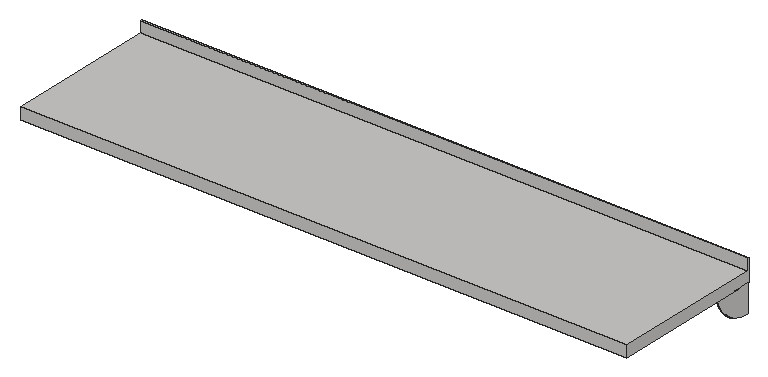
Revit family "QF_ELECTROLUXPROFESSIONAL_132826_WSS164N", category Attrezzature speciali, Revit 2020
Family settings
  Quota connettore circolare = Usa diametro
  Tipo di parte = Normale
  Basato su piano di lavoro = No
  Sempre verticale = Sì
  Taglio con vuoti quando caricato = No
  Condiviso = No
  Punto di calcolo locali = No
Parameters (values of type "Standard")
  Weight = 7.00 kg
  Watts = 0 W
  Volts = 0 V
  URL Manufacturer = "https://www.electroluxprofessional.com/"
  URL = "https://www.electroluxprofessional.com/"
  Steam Supply Size = 0 mm
  Steam Supply Minimum Pressure = 0.0 Pa
  Steam Supply Maximum Pressure = 0.0 Pa
  Steam Consumption per Hour = 0
  Refrigeration Suction Line Size = 0.0 mm
  Refrigeration Liquid Line Size = 0.0 mm
  Refrigerant Compressor Remote = yes
  Prospetto di default = 0.0 mm
  Produttore = "Electrolux Professional"
  Phase = 0
  Modello = "WSS164N"
  Length Actual = 1600.0 mm  # constant formula
  Item Number = "132826"
  Hot Water Size = 0 mm
  Height Actual = 30.0 mm  # constant formula
  HP = "0 HP"
  Gas Size = 0 mm
  Gas KW = 0
  Gas Input Pressure = 0 W
  Direct Waste Size = 0 mm
  Descrizione = "SOLID WALL SHELF WITH BRACKETS 1600 MM"
  Depth Actual = 400.0 mm  # constant formula
  Cycle = 0 Hz
  Condensate Return Size = 0 mm
  Compressed Air Volume = 0.0 L/s
  Compressed Air Size = 0 mm
  Compressed Air Pressure = 0.0 Pa
  Cold Water Size = 0 mm
  Accessory = yes
Reference planes
  plane 1 "Center (Front/Back)": y = 0
  plane 2: z = 0
  plane 3 "Center (Left/Right)": x = -300
  plane 4 "LEFT": x = -1100
  plane 5 "RIGHT": x = 500
  plane 6 "BACK": y = 50
  plane 7 "FRONT": y = -350
  plane 8 "TOP": z = 132
  plane 9: z = 102
  plane 10: z = 72
Forms (mm)
  Extrusion 1, solid, material "QF_Finishes_Stainless Steel"
    sketch origin (-300, 0, 0) x (0, 1, 0) y (0, 0, 1)
      loop
        line (48, 102) -> (-350, 102) -> (-350, 72) -> (50, 72) -> (50, 132) -> (48, 132) -> (48, 102)
    from 800 to -800
  Extrusion 2, solid, material "QF_Finishes_Stainless Steel"
    sketch origin (-1100, 0, 0) x (0, 1, 0) y (0, 0, 1)
      loop
        line (50, 72) -> (-50, 72)
        arc (-50, 72) -> (-13.401, 19.967) -> (47, 0) r 101.34
        line (47, 0) -> (50, 0) -> (50, 72)
    from 0 to 3
  Extrusion 3, solid, material "QF_Finishes_Stainless Steel"
    sketch origin (500, 0, 0) x (0, 1, 0) y (0, 0, 1)
      loop
        line (50, 72) -> (-50, 72)
        arc (-50, 72) -> (-13.401, 19.967) -> (47, 0) r 101.34
        line (47, 0) -> (50, 0) -> (50, 72)
    from 0 to -3
  Extrusion 4, solid, material "QF_Finishes_Stainless Steel"
    sketch origin (0, 50, 0) x (-1, 0, 0) y (0, 0, 1)
      loop
        line (1097, 72) -> (1070, 72) -> (1070, 0) -> (1097, 0) -> (1097, 72)
      loop
        arc (1078.5, 10) -> (1075.5, 7) -> (1078.5, 4) r 3
        line (1078.5, 4) -> (1088.5, 4)
        arc (1088.5, 4) -> (1091.5, 7) -> (1088.5, 10) r 3
        line (1088.5, 10) -> (1078.5, 10)
    from 0 to -3
  Extrusion 5, solid, material "QF_Finishes_Stainless Steel"
    sketch origin (0, 50, 0) x (1, 0, 0) y (0, 0, -1)
      loop
        line (497, -72) -> (497, 0) -> (470, 0) -> (470, -72) -> (497, -72)
      loop
        line (478.5, -10) -> (488.5, -10)
        arc (488.5, -10) -> (491.5, -7) -> (488.5, -4) r 3
        line (488.5, -4) -> (478.5, -4)
        arc (478.5, -4) -> (475.5, -7) -> (478.5, -10) r 3
    from 0 to -3
Lines and regions (mm)
  symbolic lines
    curve 1: line (500, 50, 132) -> (-1100, 50, 132)
    curve 2: line (-1100, 50, 132) -> (-1100, -350, 132)
    curve 3: line (-1100, -350, 132) -> (500, -350, 132)
    curve 4: line (500, -350, 132) -> (500, 50, 132)
    curve 5: line (500, 48, 132) -> (-1100, 48, 132)
Dimensions and locks
  plane 4 "LEFT" to plane 5 "RIGHT" = 1600.0 mm
  equal spacing: plane 4 "LEFT", plane 3 "Center (Left/Right)", plane 5 "RIGHT"
  locked: plane 8 "TOP" to level at 132
  plane 6 "BACK" to plane 7 "FRONT" = 400.0 mm
  plane 6 "BACK" to plane 1 "Center (Front/Back)" to plane 7 "FRONT" = 50.0 mm, 350.0 mm
  locked: plane 8 "TOP" to plane 9 at 30
  plane 9 to plane 10 = 30.0 mm
  locked: Extrusion 4 sketch curve to Extrusion 2 at 27
  aligned and locked: level to plane 2
  aligned and locked: Extrusion 1 to plane 4 "LEFT"
  aligned and locked: plane 5 "RIGHT" to Extrusion 1
  aligned and locked: curve 2 to plane 4 "LEFT"
  aligned and locked: Extrusion 1 sketch curve to plane 9
  aligned and locked: Extrusion 4 sketch curve to Extrusion 2
  aligned and locked: Extrusion 4 sketch curve to Extrusion 1
  aligned and locked: Extrusion 4 sketch curve to level
  aligned and locked: plane 6 "BACK" to Extrusion 3 sketch curve
  aligned and locked: Extrusion 3 sketch curve to plane 10
  aligned and locked: Extrusion 3 sketch curve to level
  aligned and locked: plane 6 "BACK" to Extrusion 2 sketch curve
  aligned and locked: Extrusion 2 sketch curve to plane 10
  aligned and locked: Extrusion 2 sketch curve to level
Automatic sketch dimensions
  Extrusion 1 sketch curve to plane 7 "FRONT" = 0.0 mm
  Extrusion 1 sketch curve to plane 8 "TOP" = 0.0 mm
  Extrusion 1 sketch curve to plane 6 "BACK" = 0.0 mm
  Extrusion 1 sketch curve to plane 10 = 0.0 mm
  Extrusion 1 sketch curve to plane 6 "BACK" = 2.0 mm
  Extrusion 2 sketch curve to Extrusion 2 sketch curve = 3.0 mm
  plane 1 "Center (Front/Back)" to Extrusion 2 sketch curve = 50.0 mm
  Extrusion 3 sketch curve to Extrusion 3 sketch curve = 3.0 mm
  plane 1 "Center (Front/Back)" to Extrusion 3 sketch curve = 50.0 mm
  Extrusion 4 sketch curve to Extrusion 4 sketch curve = 8.5 mm
  Extrusion 4 sketch curve to Extrusion 4 sketch curve = 10.0 mm
  level to Extrusion 4 sketch curve = 4.0 mm
  Extrusion 4 sketch curve to Extrusion 4 sketch curve = 3.0 mm
  curve 3 to plane 7 "FRONT" = 0.0 mm
  curve 5 to plane 5 "RIGHT" = 0.0 mm
  curve 4 to plane 6 "BACK" = 0.0 mm
  curve 5 to plane 6 "BACK" = 2.0 mm
  Extrusion 5 sketch curve to plane 10 = 0.0 mm
  Extrusion 5 sketch curve to level = 0.0 mm
  plane 5 "RIGHT" to Extrusion 5 sketch curve = 30.0 mm
  Extrusion 5 sketch curve to Extrusion 5 sketch curve = 8.5 mm
  Extrusion 5 sketch curve to Extrusion 5 sketch curve = 10.0 mm
  plane 5 "RIGHT" to Extrusion 5 sketch curve = 3.0 mm
  Extrusion 5 sketch curve to level = 4.0 mm
  Extrusion 5 sketch curve to Extrusion 5 sketch curve = 3.0 mm
